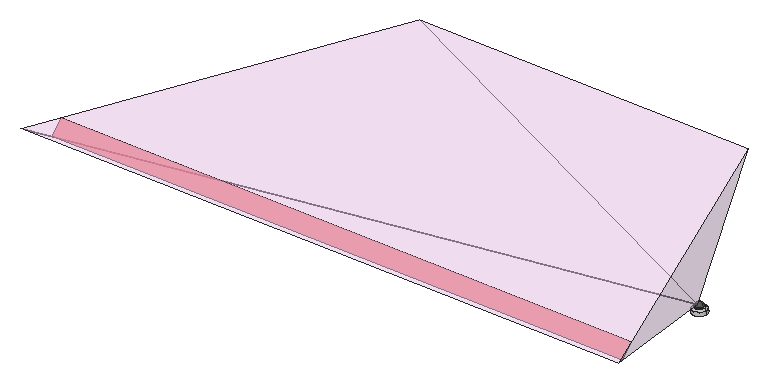
Revit family "Camera-Security-Panasonic-Super_Dynamic-Vandal_Resistant-Waterproof-Dome-AI-Network-S2536LSeriesX", category Security Devices, host Face, Revit 2019
Family settings
  Host = Face
  Maintain Annotation Orientation = No
  Round Connector Dimension = Use Diameter
  Part Type = Normal
  OmniClass Number = 23.85.10.14.11
  OmniClass Title = Cameras
  Cut with Voids When Loaded = No
  Shared = No
  Room Calculation Point = No
Parameters (values of type "WV-S2536L")
  z Yaw Actual [instance] = if(and(On Wall, not(On Ceiling)), Yaw Actual, Yaw Actual + 180.00°)  # 180.00°
  z VV Viewpoint Depth Min = 1.28346"  # constant formula
  z VV Viewpoint Depth Max = 1.28346"  # constant formula
  z VV Viewpoint Depth [instance] = (z VV Viewpoint Depth Max - z VV Viewpoint Depth Min) * z HFOV Ratio + z VV Viewpoint Depth Min  # 1.28346"
  z VV Origin Horizontal Offset [instance] = 0.000"  # constant formula
  z VV Origin Height [instance] = 2.4685" - z Camera Bottom Offset  # 2.4685"
  z VV Origin Angle [instance] = 0.00°  # constant formula
  z Tilt Actual [instance] = Tilt Actual  # 45.00°
  z Pan Actual Safe [instance] = if(Pan Actual = -180.00°, 180.00°, Pan Actual)  # 0.00°
  z Pan Actual [instance] = Pan Actual  # 0.00°
  z HFOV Ratio [instance] = (Horizontal FOV Actual - Horizontal FOV Min) / (Horizontal FOV Max - Horizontal FOV Min)  # 0.31169
  z Dome Radius = 1.65354"  # constant formula
  z Const Yaw Handle Length = 9.25197"  # constant formula
  z Const Yaw Base2 Length = 17.32283"  # constant formula
  z Const Yaw Base Length = 10.23622"  # constant formula
  z Const Tilt Handle Length = 11.81102"  # constant formula
  z Const Tilt Base2 Length = 19.68504"  # constant formula
  z Const Tilt Base Length = 9.84252"  # constant formula
  z Const Pan Handle Length = 19.48819"  # constant formula
  z Has Ceiling Mount [instance] = and(On Ceiling, not(On Wall), Has Ceiling Mount)  # no
  z Camera Center Offset [instance] = 0.000"  # constant formula
  z Camera Bottom Offset [instance] = if(z Has Ceiling Mount, 1.65354", 0.000")  # 0.000"
  z Camera Angle [instance] = 90.00°  # constant formula
  z Base is Visible [instance] = not(z Has Ceiling Mount)  # yes
  z Base Radius = Diameter / 2  # 3.0315"
  Yawing Range = "±100°"  # constant formula
  Yaw Min = -100.00°  # constant formula
  Yaw Max = 100.00°  # constant formula
  Yaw Desired [instance] = 0.00°
  Yaw Actual [instance] = if(Yaw Desired > Yaw Max, Yaw Max, if(Yaw Desired < Yaw Min, Yaw Min, Yaw Desired))  # 0.00°
  Wide Dynamic Range = (1 = 1)  # yes
  Weight [instance] = 2.43 lbf  # constant formula
  Water and Dust Resistance = "IP66, IEC60529 measuring standard compatible, Type 4X(UL50), NEMA 4X compliant"  # constant formula
  Voltage [instance] = if(Power Supply type is PoE, 48 V, 12 V)  # 48 V
  Vertical FOV Min [instance] = if(and(Aspect Ratio 4_3, not(Aspect Ratio 16_9)), VFOV Min 43, VFOV Min 169)  # 20.00°
  Vertical FOV Max [instance] = if(and(Aspect Ratio 4_3, not(Aspect Ratio 16_9)), VFOV Max 43, VFOV Max 169)  # 60.00°
  Vertical FOV Actual [instance] = z HFOV Ratio * (Vertical FOV Max - Vertical FOV Min) + Vertical FOV Min  # 32.4675°
  Vandal Resistant = (1 = 1)  # yes
  VFOV Min 43 = 20.00°  # constant formula
  VFOV Min 169 = 20.00°  # constant formula
  VFOV Max 43 = 60.00°  # constant formula
  VFOV Max 169 = 60.00°  # constant formula
  URL = "http://security.panasonic.com/pss/security/"
  Tilting Range = "-30 to +85°"  # constant formula
  Tilt Min = -30.00°  # constant formula
  Tilt Max = 85.00°  # constant formula
  Tilt Desired [instance] = 45.00°
  Tilt Actual [instance] = if(Tilt Desired > Tilt Max, Tilt Max, if(Tilt Desired < Tilt Min, Tilt Min, Tilt Desired))  # 45.00°
  Super Dynamic Range = (1 = 1)  # yes
  Storage Temperature = "-40 °C to +60 °C (-40 °F to 140 °F)"  # constant formula
  Show View Volume [instance] = yes
  Shock Resistance = "50J (IEC 60068-2-75 compliant), IK10 (IEC 62262)"  # constant formula
  Resolution_HD [instance] = no
  Resolution_FullHD [instance] = yes
  Regulatory Compliance = "UL (UL62368-1), c-UL (CSA C22.2 No.62368-1), CE, IEC62368-1, FCC (Part15 ClassA), ICES-003 ClassA, EN55032 ClassB, EN55035"  # constant formula
  Provide Feedback = "https://www.surveymonkey.com/s/95FL6QY"
  Product Page URL = "https://security.panasonic.com/products_technology/products/wv-s2536l/"
  Product Material = Paint - Panasonic -i-Pro White
  Product Documentation Link = "https://bizpartner.panasonic.net/public/system/files/files/fields/field_file/psd/2021/08/31/WV-S2536L_2A-284AA_1630373862.052.pdf"
  Power Supply type is PoE [instance] = yes
  Power Supply Type [instance] = if(Power Supply type is PoE, "PoE", "DC")  # "PoE"
  Power Active [instance] = if(Power Supply type is PoE, 9.1 W, 8.8 W)  # 9.1 W
  Part Number = Model  # "WV-S2536L"
  Part Description = Description  # "Security Camera, Fixed Dome, AI, Network, Super Dynamic Vandal Resistant  Weatherproof, FullHD WV-S2536L"
  Panning Range = "-194 to +166°"  # constant formula
  Pan Min = -194.00°  # constant formula
  Pan Max = 166.00°  # constant formula
  Pan Desired [instance] = 0.00°
  Pan Actual [instance] = if(Pan Desired > Pan Max, Pan Max, if(Pan Desired < Pan Min, Pan Min, Pan Desired))  # 0.00°
  PPM Desired [instance] = 300
  PPM Actual [instance] = if(PPM Desired > 1, PPM Desired, 1)  # 300
  Original Creation Date = "2021/09/02"  # constant formula
  Operational Temperature = "-40 °C to +60 °C (-40 °F to 140 °F) (Power On range : –30 °C to +60 °C {–22 °F to +140 °F})"  # constant formula
  Operational Humidity = "10 to 100 % (no condensation)"  # constant formula
  On Wall [instance] = no
  On Ceiling [instance] = yes
  Mounting Positions = "Mount Dependent or Surface Mount"  # constant formula
  Model Disclaimer = "Contact Panasonic for more information"  # constant formula
  Model = "WV-S2536L"
  Minimum Illumination = 0.007 lx
  Manufacturer = "Panasonic"  # constant formula
  Indoor Or Outdoor = "Outdoor"  # constant formula
  IP Or Analog = "IP"  # constant formula
  Horizontal Resolution Actual [instance] = if(and(Aspect Ratio 4_3, not(Aspect Ratio 16_9)), Horizontal Resolution 43, Horizontal Resolution 169)  # 1920
  Horizontal Resolution 43 [instance] = if(and(Resolution_HD, not(Resolution_FullHD)), 1280, 2048)  # 2048
  Horizontal Resolution 169 [instance] = if(and(Resolution_HD, not(Resolution_FullHD)), 1280, 1920)  # 1920
  Horizontal FOV Min [instance] = if(and(Aspect Ratio 4_3, not(Aspect Ratio 16_9)), HFOV Min 43, HFOV Min 169)  # 36.00°
  Horizontal FOV Max [instance] = if(and(Aspect Ratio 4_3, not(Aspect Ratio 16_9)), HFOV Max 43, HFOV Max 169)  # 113.00°
  Horizontal FOV Desired [instance] = 60.00°
  Horizontal FOV Actual [instance] = if(Horizontal FOV Desired > Horizontal FOV Max, Horizontal FOV Max, if(Horizontal FOV Desired < Horizontal FOV Min, Horizontal FOV Min, Horizontal FOV Desired))  # 60.00°
  Height = 4.13386"  # constant formula
  Has POE = (1 = 1)  # yes
  Has Ceiling Mount [instance] = no
  HFOV Min 43 = 26.00°  # constant formula
  HFOV Min 169 = 36.00°  # constant formula
  HFOV Max 43 = 82.00°  # constant formula
  HFOV Max 169 = 113.00°  # constant formula
  Family Version = "1.0.0"  # constant formula
  Equipment Number [instance] = ""
  Equipment Abbreviation = "SC"
  Distance to Screen [instance] = 393.70079"
  Distance to PPM Target [instance] = if(PPM Actual = 0, 0.000", 39.37008" * Horizontal Resolution Actual / (PPM Actual * 2 * tan(Horizontal FOV Actual / 2)))  # 218.21113"
  Distance to Floor [instance] = 118.11024"
  Distance to Ceiling [instance] = 0.000"
  Diameter = 6.06299"  # constant formula
  Description = "Security Camera, Fixed Dome, AI, Network, Super Dynamic Vandal Resistant  Weatherproof, FullHD WV-S2536L"
  Default Elevation = 0.000"
  Day Or Night = "Yes"  # constant formula
  Date Last Modified = "2021/09/02"  # constant formula
  Copyright = "Copyright © Panasonic"  # constant formula
  Communication Ports = "10Base-T / 100Base-TX, RJ45 connector"  # constant formula
  Audio Out = "ø3.5 mm stereo mini jack (monaural output)"  # constant formula
  Audio In = "ø3.5 mm stereo mini jack"  # constant formula
  Aspect Ratio 4_3 [instance] = no
  Aspect Ratio 16_9 [instance] = yes
  Angle Of View = "113"  # constant formula
  Alarm Input Or Output Specification = "ALARM IN 1 (Alarm input 1/ Black & white input/ Auto time adjustment input) (x1), ALARM IN 2 (Alarm input 2/ ALARM OUT) (x1), ALARM IN 3 (Alarm input 3/ AUX OUT) (x1)"  # constant formula
  Accessory Part Number [instance] = if(Has Ceiling Mount, "WV-QEM500-W", "Select a Mounting Option")  # "Select a Mounting Option"
Types (2): name | Product Page URL | Product Documentation Link | Part Number | Part Description | Model | Description
  WV-S2536L | "https://security.panasonic.com/products_technology/products/wv-s2536l/" | "https://bizpartner.panasonic.net/public/system/files/files/fields/field_file/psd/2021/08/31/WV-S2536L_2A-284AA_1630373862.052.pdf" | "WV-S2536L" | "Security Camera, Fixed Dome, AI, Network, Super Dynamic Vandal Resistant  Weatherproof, FullHD WV-S2536L" | "WV-S2536L" | "Security Camera, Fixed Dome, AI, Network, Super Dynamic Vandal Resistant  Weatherproof, FullHD WV-S2536L"
  WV-S2536LN | "https://security.panasonic.com/products_technology/products/wv-s2536ln/" | "https://bizpartner.panasonic.net/public/system/files/files/fields/field_file/psd/2021/08/03/WV-S2536LN_2A-285AA_1627968136.9366.pdf" | "WV-S2536LN" | "Security Camera, Fixed Dome, AI, Network, Super Dynamic Vandal Resistant  Weatherproof, FullHD WV-S2536LN" | "WV-S2536LN" | "Security Camera, Fixed Dome, AI, Network, Super Dynamic Vandal Resistant  Weatherproof, FullHD WV-S2536LN"
Reference planes (in)
  plane 1 "Center (Front/Back)": y = 0
  plane 2: z = 0
  plane 3 "Center (Left/Right)": x = 0
  plane 4 "Body Bottom": z = 0
  plane 5: y = 0
  plane 6 "BP": z = 2.4685
  plane 7: x = -3.0315
  plane 8: z = 0
  plane 9: z = 2.12598
  plane 10: x = -1.65354
  plane 11: z = 2.40157
  plane 12: z = 1.41732
Forms (in)
  Revolve 1, solid, material "Glass - Panasonic - Black"
    sketch origin (0, 0, 1.06947) x (0, 0, 1) y (1, 0, 0)
      loop
        line (2.98565, 0) -> (1.05652, 0) -> (1.05652, -1.65354) -> (1.33211, -1.65354)
        arc (1.33211, -1.65354) -> (2.50134, -1.16923) -> (2.98565, 0) r 1.65354
      axis (2.98565, 0) -> (1.05652, 0)
    angle from 0 to 360
  Revolve 2, solid, material "Paint - Panasonic -i-Pro White" <- "Product Material", visible <- "z Base is Visible"
    sketch origin (0, 0, 0) x (0, 0, 1) y (1, 0, 0)
      loop
        line (0, 0) -> (0, -3.0315) -> (1.41732, -2.94308) -> (2.12598, -2.28346) -> (2.12598, 0) -> (0, 0)
      axis (2.12598, 0) -> (0, 0)
    angle from 0 to 360
Lines and regions (in)
  reference lines
    curve 1: line (0, 0, 0) -> (0, 0, 3.62205)
  symbolic lines, not visible
    curve 2: line (-1.15, -2.6875, 0) -> (1.15, -2.6875, 0)
Dimensions and locks (in)
  "z Camera Center Offset": plane 5 to plane 1 "Center (Front/Back)"
  "z Base Radius": plane 3 "Center (Left/Right)" to plane 7
  "z Camera Bottom Offset": level to plane 8
  locked: plane 9 to plane 8 at 2.12598
  "z Dome Radius": plane 3 "Center (Left/Right)" to plane 10
  locked: plane 11 to plane 9 at 0.27559
  locked: plane 12 to plane 8 at 1.41732
  "z VV Origin Height": plane 6 "BP" to level
  "z Camera Angle": angle curve 1 to plane 4 "Body Bottom"
  aligned and locked: plane 2 to host face
  aligned and locked: level to host face
  aligned and locked: plane 4 "Body Bottom" to curve 1
  aligned and locked: plane 5 to curve 1
  aligned and locked: plane 5 to nested 1
  aligned and locked: Revolve 1 sketch curve to curve 1  (x2)
  aligned and locked: nested 2 to plane 3 "Center (Left/Right)"
  aligned and locked: nested 2 to plane 1 "Center (Front/Back)"
  aligned and locked: plane 9 to Revolve 1 sketch curve
  aligned and locked: Revolve 1 sketch curve to plane 10
  aligned and locked: Revolve 2 sketch curve to plane 8
  aligned and locked: Revolve 2 sketch curve to plane 9
Automatic sketch dimensions
  host sketch curve to host sketch curve = 96.000"  (x2)
  curve 2 to plane 3 "Center (Left/Right)" = 1.150"
  plane 3 "Center (Left/Right)" to curve 2 = 1.150"
  plane 1 "Center (Front/Back)" to curve 2 = 2.6875"
  Revolve 1 sketch curve to Revolve 1 sketch curve = 0.27559"
  Revolve 1 sketch curve to Revolve 1 sketch curve = 8.18604"
  Revolve 1 sketch curve to Revolve 1 sketch curve = 3.750"
  Revolve 2 sketch curve to curve 1 = 0.000"  (x2)
  Revolve 2 sketch curve to curve 1 = 2.28346"
  Revolve 2 sketch curve to curve 1 = 3.0315"
  Revolve 2 sketch curve to Revolve 2 sketch curve = 0.0597"
  Revolve 2 sketch curve to Revolve 2 sketch curve = 0.70866"
  curve 1 to Revolve 2 sketch curve = 0.35909"
  Revolve 2 sketch curve to Revolve 2 sketch curve = 0.65961"
Nested families (in)
  nested 1: "CeilingMount" at (0, 0, 0), Dome Radius <- "z Dome Radius", Has Ceiling Mount <- "Has Ceiling Mount", visible <- "z Has Ceiling Mount", Product Material <- "Product Material", type "Mount"
    with z Bracket Radius 4.13976", Product Material Paint - Panasonic -i-Pro White, Has Ceiling Mount no, Dome Radius 1.65354"
  nested 2: "Camera-Security-Panasonic-ViewVolumePTYZ" at (0, 0, 2.4685), Viewpoint Depth <- "z VV Viewpoint Depth", Base Height Offset <- "z VV Origin Height", Viewpoint Origin Horizontal Offset <- "z VV Origin Horizontal Offset", Yaw <- "Yaw Actual", Tilt <- "Tilt Actual", Pan <- "Pan Actual", HFOV <- "Horizontal FOV Actual", VFOV <- "Vertical FOV Actual", On Wall <- "On Wall", On Ceiling <- "On Ceiling", Screen Depth <- "Distance to Screen", Floor Distance <- "Distance to Floor", Ceiling Distance <- "Distance to Ceiling", Target Depth <- "Distance to PPM Target", visible <- "Show View Volume", type "Camera-Security-Panasonic-ViewVolumePTYZ"
    with z Yaw Actual 0.00°, z Void Width 1249.51202", z Void Thickness 397.45276", z Void Height Start -624.75601", z Void Height End 624.75601", z Void Direction 0, z Void Angle 0.00°, z Viewpoint Depth 1.28346", z Tilt Actual 45.00°, z Target Width 251.9685", z Target Visible yes, z Target Height 127.07134", z Target Depth 219.49459", z Screen Width 454.60651", z Screen Height 229.2646", z Screen Depth 394.98425", z Pan Actual 0.00°, z Floor Distance 118.11024", z Ceiling Distance 0.000", Yaw 0.00°, Viewpoint Origin Horizontal Offset 0.000", Viewpoint Depth 1.28346", VFOV 32.4675°, Tilt 45.00°, Target Depth 218.21113", Screen Depth 393.70079", Pan 0.00°, On Wall no, On Floor no, On Default Mount Type 0, On Ceiling yes, HFOV 60.00°, Floor Distance 118.11024", Ceiling Distance 0.000", Base Height Offset 2.4685", Base Angle Offset 0.00°
Connectors (in)
  electrical at (0, 0, 0), driven by "Voltage", driven by "Power Active"
    settings: on Revolve 2, index 1, voltage 48 V, apparent load 9.1 W, apparent load phase1 0.0 W, apparent load phase2 0.0 W, apparent load phase3 0.0 W, power factor 1, load classification "Other", number of poles 1, system type 30, power factor state 1, is connector primary yes, connector utility no, sub classification motor no, connector description "Electrical Connection"
  electrical at (0, 0, 0)
    settings: on Revolve 2, index 2, voltage 0 V, apparent load 0.0 W, apparent load phase1 0.0 W, apparent load phase2 0.0 W, apparent load phase3 0.0 W, power factor 1, load classification "Other", number of poles 1, system type 5, power factor state 1, is connector primary no, connector utility no, sub classification motor no, connector description "Data Connection"
Definition of nested family "Camera-Security-Panasonic-ViewVolumePTYZ"
  Parameters
    z Yaw Actual [instance] = if(Yaw < 0.00°, 360.00° - (abs(Yaw) - rounddown(abs(Yaw) / 360.00°) * 360.00°), Yaw - rounddown(Yaw / 360.00°) * 360.00°)  # 0.00°
    z Void Width [instance] = if(z Screen Width > z Screen Height, z Screen Width, z Screen Height) + abs(Viewpoint Origin Horizontal Offset) + z Void Thickness * 2  # 1265.63013"
    z Void Thickness [instance] = z Screen Depth + abs(Base Height Offset)  # 405.51181"
    z Void Height Start [instance] = -z Void Width / 2  # -632.81507"
    z Void Height End [instance] = z Void Width / 2  # 632.81507"
    z Void Direction [instance] = if((if(On Wall, 1, 0) + if(On Floor, 1, 0) + if(On Ceiling, 1, 0)) = 1, if(On Ceiling, 0, if(On Wall, 1, 2)), On Default Mount Type)  # 0
    z Viewpoint Depth [instance] = if(Viewpoint Depth < 0.03937", 0.03937", Viewpoint Depth)  # 5.90551"
    z Tilt Actual [instance] = if(Tilt < 0.00°, 360.00° - (abs(Tilt) - rounddown(abs(Tilt) / 360.00°) * 360.00°), Tilt - rounddown(Tilt / 360.00°) * 360.00°)  # 45.00°
    z Target Visible [instance] = not(Screen Depth < Target Depth)  # yes
    z Target Thickness Start = -z Target Thickness / 2  # -0.03937"
    z Target Thickness End = z Target Thickness / 2  # 0.03937"
    z Target Depth [instance] = Target Depth + Viewpoint Depth  # 84.64567"
    z Pan Actual [instance] = if(Pan < 0.00°, 360.00° - (abs(Pan) - rounddown(abs(Pan) / 360.00°) * 360.00°), Pan - rounddown(Pan / 360.00°) * 360.00°)  # 0.00°
    z Floor Distance [instance] = if(z Void Direction = 2, if(Floor Distance < 0.000", 0.000", Floor Distance), if(Floor Distance < 0.3937", 0.3937", Floor Distance))  # 118.11024"
    z Const Yaw Base2 Length = 17.32283"  # constant formula
    z Const Tilt Base2 Length = 19.68504"  # constant formula
    z Ceiling Distance [instance] = if(z Void Direction = 2, if(Ceiling Distance < 0.3937", 0.3937", Ceiling Distance), if(Ceiling Distance < 0.000", 0.000", Ceiling Distance))  # 0.000"
    z Const Void Handle Length = 23.62205"  # constant formula
    z Void Angle [instance] = if(z Void Direction = 0, 0.00° + Base Angle Offset, if(z Void Direction = 1, 90.00° + Base Angle Offset, 180.00° + Base Angle Offset))  # 0.00°
    z Screen Depth [instance] = if(Screen Depth < 3.93701", 3.93701" + Viewpoint Depth, Screen Depth + Viewpoint Depth)  # 399.6063"
    Original Creation Date = "September, 15, 2016"  # constant formula
    On Default Mount Type [instance] = 0
    Manufacturer = "Panasonic"  # constant formula
    Family Version = "1.0.0"  # constant formula
    Default Elevation = 48.000"
    Date Last Modified = "September, 15, 2016"  # constant formula
    Copyright = "Copyright © Panasonic"  # constant formula
    Base Height Offset [instance] = 5.90551"
    Base Angle Offset [instance] = 0.00°
    z Viewpoint Width = 0.03937"  # constant formula
    z Viewpoint Height = 0.03937"  # constant formula
    VFOV [instance] = 33.75°
    z Target Width [instance] = Target Depth * tan(HFOV / 2) * 2  # 90.9213"
    z Target Thickness = 0.07874"  # constant formula
    z Target Height [instance] = Target Depth * tan(VFOV / 2) * 2  # 47.77113"
    Target Depth [instance] = 78.74016"
    z Screen Width [instance] = (z Screen Depth - Viewpoint Depth) * tan(HFOV / 2) * 2  # 454.60651"
    z Screen Height [instance] = (z Screen Depth - Viewpoint Depth) * tan(VFOV / 2) * 2  # 238.85566"
    Screen Depth [instance] = 393.70079"
    z Const Yaw Handle Length = 9.25197"  # constant formula
    z Const Yaw Base Length = 10.23622"  # constant formula
    Viewpoint Depth [instance] = 5.90551"
    Viewpoint Origin Horizontal Offset [instance] = 0.000"
    z Const Tilt Handle Length = 14.17323"  # constant formula
    z Const Tilt Base Length = 9.84252"  # constant formula
    z Const Pan Handle Length = 19.68504"  # constant formula
    z Const Pan Axis Length = 15.74803"  # constant formula
    On Wall [instance] = no
    On Floor [instance] = no
    On Ceiling [instance] = yes
    HFOV [instance] = 60.00°
    Yaw [instance] = 0.00°
    Tilt [instance] = 45.00°
    Pan [instance] = 0.00°
    Floor Distance [instance] = 118.11024"
    Ceiling Distance [instance] = 0.000"
  Reference planes (in)
    plane 1 "Center (Front/Back)": y = 0
    plane 2: z = 0
    plane 3 "Center (Left/Right)": x = 0
    plane 4 "VoidOffsetBase": z = -5.90551
  Forms (in)
    Extrusion 1, void
      sketch origin (0, 0, -5.90551) x (0, 0, 1) y (0, -1, 0)
        loop
          line (523.62205, 632.81507) -> (118.11024, 632.81507) -> (118.11024, -632.81507) -> (523.62205, -632.81507) -> (523.62205, 632.81507)
        loop
          line (0, 632.81507) -> (-405.51181, 632.81507) -> (-405.51181, -632.81507) -> (0, -632.81507) -> (0, 632.81507)
      from -632.81507 <- "z Void Height Start" to 632.81507 <- "z Void Height End"
    Blend 2, solid
      base sketch origin (0, -4.17583, 4.17583) x (0, 0.707107, 0.707107) y (-1, 0, 0)
        loop
          line (-0.01969, -0.01969) -> (0.01969, -0.01969) -> (0.01969, 0.01969) -> (-0.01969, 0.01969) -> (-0.01969, -0.01969)
      top sketch origin (0, -282.56432, 282.56432) x (0, 0.707107, 0.707107) y (-1, 0, 0)
        loop
          line (-119.42783, -227.30326) -> (119.42783, -227.30326) -> (119.42783, 227.30326) -> (-119.42783, 227.30326) -> (-119.42783, -227.30326)
      from 0 to 0
    Extrusion 3, solid, visible <- "z Target Visible"
      sketch origin (0, -59.85353, 59.85353) x (0, 0.707107, 0.707107) y (-1, 0, 0)
        loop
          line (-23.88557, -45.46065) -> (23.88557, -45.46065) -> (23.88557, 45.46065) -> (-23.88557, 45.46065) -> (-23.88557, -45.46065)
      from -0.03937 <- "z Target Thickness Start" to 0.03937 <- "z Target Thickness End"
  Cuts and joins
    Extrusion 1 cuts Blend 2
    Extrusion 1 cuts Extrusion 3
  Lines and regions (in)
    reference lines
      curve 1: line (0, 0, 0) -> (19.68504, 0, 0)
      curve 2: line (0, 0, -15.74803) -> (0, 0, 0)
      curve 3: line (0, 0, 0) -> (0, -9.84252, 0)
      curve 4: line (0, 0, 0) -> (0, 0, 19.68504)
      curve 5: line (0, -10.02199, 10.02199) -> (0, 0, 0)
      curve 6: line (0, 0, 0) -> (0, 7.2381, 7.2381)
      curve 7: line (0, 0, 0) -> (-17.32283, 0, 0)
      curve 8: line (0, 0, 0) -> (-9.25197, 0, 0)
      curve 9: line (0, -4.17583, 4.17583) -> (0, 0, 0)
      curve 10: line (0, 0, 0) -> (0, -59.85353, 59.85353)
      curve 11: line (0, 0, 0) -> (0, -282.56432, 282.56432)
      curve 12: line (-0.01969, -4.16191, 4.18975) -> (0.01969, -4.16191, 4.18975)
      curve 13: line (-0.01969, -4.18975, 4.16191) -> (0.01969, -4.18975, 4.16191)
      curve 14: line (-0.01969, -4.16191, 4.18975) -> (-0.01969, -4.18975, 4.16191)
      curve 15: line (0.01969, -4.16191, 4.18975) -> (0.01969, -4.18975, 4.16191)
      curve 16: line (-45.46065, -42.96388, 76.74317) -> (45.46065, -42.96388, 76.74317)
      curve 17: line (-45.46065, -76.74317, 42.96388) -> (45.46065, -76.74317, 42.96388)
      curve 18: line (-45.46065, -42.96388, 76.74317) -> (-45.46065, -76.74317, 42.96388)
      curve 19: line (45.46065, -42.96388, 76.74317) -> (45.46065, -76.74317, 42.96388)
      curve 20: line (-227.30326, -198.1161, 367.01255) -> (-227.30326, -367.01255, 198.1161)
      curve 21: line (227.30326, -198.1161, 367.01255) -> (227.30326, -367.01255, 198.1161)
      curve 22: line (-227.30326, -198.1161, 367.01255) -> (227.30326, -198.1161, 367.01255)
      curve 23: line (-227.30326, -367.01255, 198.1161) -> (227.30326, -367.01255, 198.1161)
      curve 24: line (0, 0, -5.90551) -> (0, 0, 17.71654)
      curve 25: line (0, -632.81507, 517.71654) -> (0, 632.81507, 517.71654)
      curve 26: line (0, -632.81507, 112.20472) -> (0, -632.81507, 517.71654)
      curve 27: line (0, 632.81507, 112.20472) -> (0, -632.81507, 112.20472)
      curve 28: line (0, 632.81507, 517.71654) -> (0, 632.81507, 112.20472)
      curve 29: line (0, -632.81507, -5.90551) -> (0, 632.81507, -5.90551)
      curve 30: line (0, -632.81507, -411.41732) -> (0, -632.81507, -5.90551)
      curve 31: line (0, 632.81507, -411.41732) -> (0, -632.81507, -411.41732)
      curve 32: line (0, 632.81507, -5.90551) -> (0, 632.81507, -411.41732)
  Dimensions and locks (in)
    "z Const Pan Handle Length": curve 1 to curve 1
    "z Const Pan Axis Length": curve 2 to curve 2
    "z Const Tilt Base Length": curve 3 to curve 3
    "z Const Pan Axis Length": curve 1 to curve 2
    "Viewpoint Origin Horizontal Offset": curve 4 to curve 2
    "z Const Tilt Base2 Length": curve 4 to curve 4
    "z Const Tilt Handle Length": curve 5 to curve 5
    "z Const Yaw Base Length": curve 6 to curve 6
    "z Const Yaw Base2 Length": curve 7 to curve 7
    "z Const Yaw Handle Length": curve 8 to curve 8
    "z Viewpoint Depth": curve 9 to curve 9
    "z Target Depth": curve 10 to curve 10
    "z Screen Depth": curve 11 to curve 11
    equal spacing: curve 13, curve 9, curve 12
    "z Viewpoint Height": curve 13 to curve 12
    equal spacing: curve 14, curve 9, curve 15
    "z Viewpoint Width": curve 14 to curve 15
    equal spacing: curve 17, curve 10, curve 16
    "z Target Height": curve 17 to curve 16
    equal spacing: curve 18, curve 10, curve 19
    "z Target Width": curve 18 to curve 19
    equal spacing: curve 20, curve 11, curve 21
    "z Screen Width": curve 20 to curve 21
    equal spacing: curve 23, curve 11, curve 22
    "z Screen Height": curve 23 to curve 22
    "z Const Void Handle Length": curve 24 to curve 24
    equal spacing: curve 26, curve 24, curve 28
    "z Void Width": curve 26 to curve 28
    "z Floor Distance": curve 27 to curve 24
    "z Ceiling Distance": curve 29 to curve 24
    "z Void Thickness": curve 31 to curve 29
    "z Void Thickness": curve 25 to curve 27
    "Base Height Offset": level to plane 4 "VoidOffsetBase"
    locked: curve 3 to curve 2 (angle 90.00°)
    locked: curve 3 to curve 4 (angle 90.00°)
    "z Tilt Actual": angle curve 4 to curve 5
    locked: curve 6 to curve 7 (angle 90.00°)
    locked: curve 6 to curve 5 (angle 90.00°)
    locked: curve 9 to curve 5 (angle 0.00°)
    locked: curve 10 to curve 5 (angle 0.00°)
    locked: curve 11 to curve 5 (angle 0.00°)
    "z Void Angle": angle plane 1 "Center (Front/Back)" to curve 24
    "z Yaw Actual": angle curve 7 to curve 8
    "z Pan Actual": angle plane 1 "Center (Front/Back)" to curve 1
    aligned and locked: level to plane 2
    aligned and locked: curve 2 to curve 1
    aligned and locked: curve 2 to curve 3
    aligned and locked: curve 3 to curve 2
    aligned and locked: curve 3 to curve 5
    aligned and locked: curve 6 to curve 7
    aligned and locked: curve 6 to curve 8
    aligned and locked: curve 8 to curve 7
    aligned and locked: curve 7 to curve 6
    aligned and locked: curve 5 to curve 11
    aligned and locked: curve 11 to curve 8
    aligned and locked: curve 12 to curve 15
    aligned and locked: curve 15 to curve 15
    aligned and locked: curve 14 to curve 14
    aligned and locked: curve 13 to curve 15
    aligned and locked: curve 16 to curve 19
    aligned and locked: curve 18 to curve 18
    aligned and locked: curve 17 to curve 19
    aligned and locked: curve 22 to curve 22
    aligned and locked: curve 21 to curve 23
    aligned and locked: curve 20 to curve 23
    aligned and locked: curve 23 to curve 23
    aligned and locked: plane 1 "Center (Front/Back)" to curve 24
    aligned and locked: curve 30 to curve 26
    aligned and locked: curve 28 to curve 32
    aligned and locked: Extrusion 1 sketch curve to curve 25
    aligned and locked: Extrusion 1 sketch curve to curve 26
    aligned and locked: Extrusion 1 sketch curve to curve 27
    aligned and locked: Extrusion 1 sketch curve to curve 28
    aligned and locked: Extrusion 1 sketch curve to curve 29
    aligned and locked: Extrusion 1 sketch curve to curve 30
    aligned and locked: Extrusion 1 sketch curve to curve 31
    aligned and locked: Extrusion 1 sketch curve to curve 32
    aligned and locked: Extrusion 1 sketch curve to Extrusion 1 sketch curve  (x8)
    aligned and locked: Blend 2 sketch curve to curve 15
    aligned and locked: Blend 2 sketch curve to curve 13
    aligned and locked: Blend 2 sketch curve to curve 14
    aligned and locked: Blend 2 sketch curve to curve 12
    aligned and locked: Blend 2 sketch curve to Blend 2 sketch curve  (x8)
    aligned and locked: Blend 2 sketch curve to curve 21
    aligned and locked: Blend 2 sketch curve to curve 23
    aligned and locked: Blend 2 sketch curve to curve 20
    aligned and locked: Blend 2 sketch curve to curve 22
    aligned and locked: Extrusion 3 sketch curve to curve 19
    aligned and locked: Extrusion 3 sketch curve to curve 17
    aligned and locked: Extrusion 3 sketch curve to curve 18
    aligned and locked: Extrusion 3 sketch curve to curve 16
    aligned and locked: Extrusion 3 sketch curve to Extrusion 3 sketch curve  (x4)
    aligned and locked: plane 3 "Center (Left/Right)" to curve 1
    aligned and locked: plane 1 "Center (Front/Back)" to curve 1
    aligned and locked: level to curve 2
    aligned and locked: plane 4 "VoidOffsetBase" to curve 24
  Automatic sketch dimensions
    curve 6 to curve 5 = 0.000"
    curve 6 to curve 5 = 10.23622"
Definition of nested family "CeilingMount"
  Parameters (values of type "Mount")
    z Bracket Thickness = 0.52756"  # constant formula
    z Bracket Radius [instance] = 4.13976"  # constant formula
    URL = "http://panasonic.net"
    Product Material [instance] = none
    Part Number = Model  # "WV-QEM500-W"
    Model = "WV-QEM500-W"  # constant formula
    Manufacturer = "Panasonic"
    Keynote = ""
    Has Ceiling Mount [instance] = yes
    Dome Radius [instance] = 1.65354"
    Default Elevation = 0.000"  # constant formula
    Assembly Code = ""
  Reference planes (in)
    plane 1 "Center (Front/Back)": y = 0
    plane 2: z = 0
    plane 3 "Center (Left/Right)": x = 0
    plane 4: z = 0.52756
    plane 5: z = 0.23622
    plane 6: z = 0
    plane 7: x = -1.65354
    plane 8: x = -4.13976
  Forms (in)
    Extrusion 1, solid
      sketch origin (0, 0, 0) x (1, 0, 0) y (0, 1, 0)
        loop
          line (-48, 48) -> (-48, -48) -> (48, -48) -> (48, 48) -> (-48, 48)
      from 0 to -12
    Revolve 2, solid, visible <- "Has Ceiling Mount"
      sketch origin (0, 0, 0) x (1, 0, 0) y (0, 0, 1)
        loop
          line (-4.13976, 0.23622) -> (-4.13976, 0) -> (-1.65354, 0) -> (-1.65354, 0.52756) -> (-3.27686, 0.52756) -> (-4.13976, 0.23622)
        axis (0, 0.52756) -> (0, 0)
      angle from 0 to 360
  Dimensions and locks (in)
    locked: plane 5 to plane 6 at 0.23622
    "z Bracket Thickness": plane 4 to plane 6
    "z Bracket Radius": plane 3 "Center (Left/Right)" to plane 8
    "Dome Radius": plane 3 "Center (Left/Right)" to plane 7
    aligned and locked: plane 2 to Extrusion 1
    aligned and locked: level to Extrusion 1
    aligned and locked: Revolve 2 sketch curve to plane 4
    aligned and locked: Revolve 2 sketch curve to plane 3 "Center (Left/Right)"
    aligned and locked: Revolve 2 sketch curve to plane 7
    aligned and locked: Revolve 2 sketch curve to plane 8
    aligned and locked: plane 6 to level
  Automatic sketch dimensions
    Extrusion 1 sketch curve to Extrusion 1 sketch curve = 96.000"  (x2)
    Revolve 2 sketch curve to plane 5 = 0.000"
    Revolve 2 sketch curve to level = 0.000"
    Revolve 2 sketch curve to plane 4 = 0.000"
    Revolve 2 sketch curve to plane 8 = 0.86291"
    Revolve 2 sketch curve to plane 6 = 1.83465"
